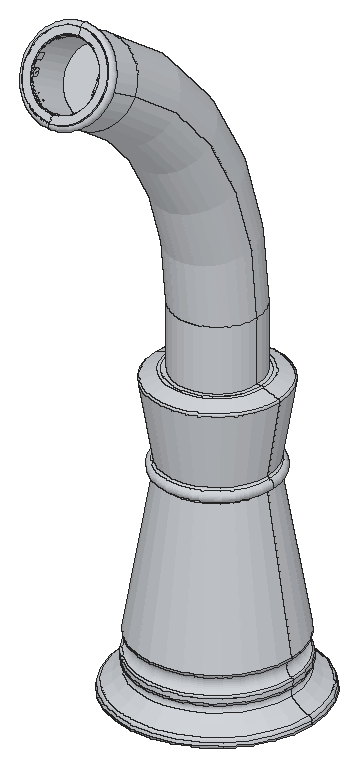
Revit family "Faucet-Wall_Mount-Bath_Spout-KOHLER-ARCHER-K-8452T", category Plumbing Fixtures, host Face, Revit 2017
Family settings
  Host = Face
  Round Connector Dimension = Use Diameter
  Part Type = Normal
  OmniClass Number = 23.31.11.00
  OmniClass Title = Faucets
  Cut with Voids When Loaded = No
  Shared = No
  Room Calculation Point = No
Parameters (values of type "CP- Polished chrome")
  Width = 2 31/128"  # constant formula
  WaterSense Certified = 1 = 0  # no
  Waste Water Outlet = "Waste Water Outlet"  # constant formula
  Waste Connection = 1 = 0  # no
  Vent Connection = 1 = 0  # no
  URL = "http://www.kohler.com.cn/"
  Type = 1
  Spout Reach = 7 123/256"  # constant formula
  Product Page URL = "https://www.kohler.com.cn/product/K-8452T-CP/K-8452T-CP/"
  Product Name = "ARCHER"  # constant formula
  Product Documentation Link = "https://files.kohler.com.cn/pdfs/k_8452t.pdf"
  Pressure = 0.00 psi
  Model = if(Type = 1, "K-8452T-CP", "NA")  # "K-8452T-CP"
  Material = "Metal construction"  # constant formula
  Master Format 2014 Name = "Residential Faucets, Supplies, and Trim"  # constant formula
  Master Format 2014 = "22 41 39"  # constant formula
  Manufacturer Address = "Kohler Beijing Office (100016)\n36-2-03-B, No. 88, Liuxiang Road, Beijing"  # constant formula
  Manufacturer = "KOHLER Co."  # constant formula
  Length = Spout Reach  # 7 123/256"
  Tempered Water Inlet = "Tempered Water Inlet"  # constant formula
  Height = 2 31/128"  # constant formula
  HW Connection = 1 = 1  # yes
  Flow Rate = 0 GPM
  Finish = Kohler-Metal-CP-Polished_Chrome
  Environmental Product Declaration = ""
  Drain Included = 1 = 0  # no
  Description = "bathtub spout"  # constant formula
  Default Elevation = 6 77/256"
  Declare Label = ""
  Date Modified = "09/24/2020"  # constant formula
  Date Created = "09/24/2020"  # constant formula
  Copyright = "Copyright KOHLER Co."  # constant formula
  Contact Us = "http://www.kohler.com.cn/contact/contact-us/"
  Cold Water Inlet = "Cold Water Inlet"  # constant formula
  CW Connection = 1 = 0  # no
  Assembly Code = "D2010"
  ADA Compliant = 1 = 0  # no
Reference planes (in)
  plane 1 "Center (Front/Back)": y = 0
  plane 2: z = 0
  plane 3 "Center (Left/Right)": x = 0
  plane 4: x = -1.12205
  plane 5: x = 1.12014
  plane 6: y = 1.12205
  plane 7: y = -1.12205
  plane 8: z = 7.48047
  plane 9: y = -2.24219
  plane 10: z = 7.91339
  plane 11: through (0, -2.48563, 7.62102) normal (0, -0.5, -0.866)
Dimensions and locks (in)
  "Width": plane 4 to plane 5
  locked: plane 7 to plane 6 at 2.24409
  "Height": plane 1 "Center (Front/Back)" to plane 9
  "Spout Reach": level to plane 8
  locked: level to plane 10 at 7.91339
  locked: plane 8 to plane 11 (angle 30.00°)
  aligned and locked: plane 2 to host face
  aligned and locked: level to host face
  aligned and locked: plane 1 "Center (Front/Back)" to nested 1
  aligned and locked: plane 3 "Center (Left/Right)" to nested 1
  aligned and locked: plane 4 to nested 1
  aligned and locked: plane 5 to nested 1
  aligned and locked: plane 6 to nested 1
  aligned and locked: plane 7 to nested 1
  aligned and locked: plane 8 to nested 1
  aligned and locked: plane 9 to nested 1
  aligned and locked: plane 10 to nested 1
  aligned and locked: plane 11 to nested 1
Automatic sketch dimensions
  host sketch curve to host sketch curve = 96"  (x2)
Nested families (in)
  nested 1: "K-8452T" at (0, 0, 0.00015), type "K-8452T"
Connectors (in)
  piping at (0, 0, 0.00015), diameter 0.5, driven by "Flow Rate", driven by "HW Connection", driven by "Tempered Water Inlet"
    settings: on nested 1, index 1, connector inside diameter 24", connector length 0", flow factor 0, pipe flow 0 GPM, pressure drop 0.00 psi, fitting loss kfactor 0, connector angle 0.00°, fixture units 0, engagement length 0", angle of deflection 0.00°, flow configuration 0, flow direction 1, fitting loss method 0, system type 19, joint type 0, gender type 0, connector reference index -1, connector utility 1, adjustable connector no, is connector primary yes, connector description "Tempered Water Inlet"
Definition of nested family "K-8452T"
  Parameters (values of type "K-8452T")
    Material = none
  Reference planes (in)
    plane 1 "Center (Front/Back)": y = 0
    plane 2: z = 0
    plane 3 "Center (Left/Right)": x = 0
    plane 4: x = -1.12205
    plane 5: x = 1.12205
    plane 6: y = 1.12205
    plane 7: y = -1.12205
    plane 8: z = 7.48031
    plane 9: y = -2.24409
    plane 10: z = 7.91339
    plane 11: through (0, -2.24409, 7.48031) normal (0, 0.5, 0.866)
  Forms (in)
    Revolve 1, solid, material <- "Material", detail levels medium+fine
      sketch origin (-0.00003, 0, 0.00023) x (1, 0, 0) y (0, 0, 1)
        loop
          line (0, -0.00023) -> (0, 3.39017) -> (-0.52376, 3.39017)
          arc (-0.52376, 3.39017) -> (-0.54037, 3.38853) -> (-0.55634, 3.38366) r 0.08479
          line (-0.55634, 3.38366) -> (-0.72325, 3.31421)
          arc (-0.72325, 3.31421) -> (-0.73456, 3.30407) -> (-0.73706, 3.28909) r 0.02297
          line (-0.73706, 3.28909) -> (-0.59507, 2.46679)
          arc (-0.59507, 2.46679) -> (-0.59912, 2.44906) -> (-0.61456, 2.43946) r 0.02362
          arc (-0.61456, 2.43946) -> (-0.66266, 2.3835) -> (-0.61577, 2.32653) r 0.05731
          arc (-0.61577, 2.32653) -> (-0.60068, 2.31682) -> (-0.59678, 2.29931) r 0.02362
          line (-0.59678, 2.29931) -> (-0.8817, 0.63789)
          arc (-0.8817, 0.63789) -> (-0.87953, 0.62162) -> (-0.86849, 0.60947) r 0.02756
          arc (-0.86849, 0.60947) -> (-0.81852, 0.51436) -> (-0.88167, 0.42744) r 0.10177
          arc (-0.88167, 0.42744) -> (-0.89381, 0.41757) -> (-0.89838, 0.40261) r 0.02681
          line (-0.89838, 0.40261) -> (-0.89838, 0.34882)
          arc (-0.89838, 0.34882) -> (-0.89504, 0.3338) -> (-0.88565, 0.32162) r 0.03543
          arc (-0.88565, 0.32162) -> (-0.86565, 0.28109) -> (-0.8822, 0.23902) r 0.05585
          arc (-0.8822, 0.23902) -> (-0.97639, 0.15923) -> (-1.08165, 0.09474) r 0.80691
          arc (-1.08165, 0.09474) -> (-1.10067, 0.07929) -> (-1.11178, 0.05746) r 0.05905
          line (-1.11178, 0.05746) -> (-1.12143, 0.02142)
          arc (-1.12143, 0.02142) -> (-1.11847, 0.0065) -> (-1.10482, -0.00023) r 0.0172
          line (-1.10482, -0.00023) -> (0, -0.00023)
        axis (0, 3.39017) -> (0, -0.00023)
      angle from 0 to 360
    Sweep 2, solid, material <- "Material"
      path origin (0, 0, 0) x (0, 1, 0) y (0, 0, 1)
        loop
          line (0, 3.39017) -> (0, 4.0935)
          arc (0, 4.0935) -> (-0.48526, 5.90452) -> (-1.81102, 7.23028) r 3.62205
          line (-1.81102, 7.23028) -> (-2.24409, 7.48031)
      profile origin (0, 0, 3.74183) x (0, -1, 0) y (1, 0, 0)
        loop
          circle (0, 0) r 0.47244
    Revolve 3, solid, material <- "Material", detail levels medium+fine
      sketch origin (0, 0, 0.00023) x (0, 1, 0) y (0, 0, 1)
        loop
          line (-2.24409, 7.48031) -> (-2.15429, 7.42847) -> (-1.91922, 7.83561)
          arc (-1.91922, 7.83561) -> (-1.9382, 7.90644) -> (-2.00903, 7.88746) r 0.05185
          line (-2.00903, 7.88746) -> (-2.24409, 7.48031)
        axis (-2.15429, 7.42847) -> (-2.24409, 7.48031)
      angle from 0 to 360
    Revolve 4, void, detail levels medium+fine
      sketch origin (0, 0, 0.00023) x (0, 1, 0) y (0, 0, 1)
        loop
          line (-1.77847, 7.21148) -> (-1.59062, 7.53684) -> (-2.0368, 7.79444)
          arc (-2.0368, 7.79444) -> (-2.0549, 7.82016) -> (-2.04695, 7.8506) r 0.03738
          line (-2.04695, 7.8506) -> (-2.08028, 7.86984) -> (-2.2899, 7.50676) -> (-1.77847, 7.21148)
        axis (-1.77847, 7.21148) -> (-2.2899, 7.50676)
      angle from 0 to 360
    Revolve 5, solid, material <- "Material", detail levels coarse
      sketch origin (0, 0, 0) x (0, 1, 0) y (0, 0, 1)
        loop
          line (0, 3.39017) -> (0, 0.17212) -> (0, 0) -> (1.12205, 0) -> (1.12205, 0.36193) -> (0.89838, 0.36193) -> (0.89838, 3.39017) -> (0, 3.39017)
        axis (0, 3.39017) -> (0, 0)
      angle from 0 to 360
    Extrusion 6, solid, material <- "Material", detail levels medium+fine
      sketch origin (0, 0, 0) x (1, 0, 0) y (0, 1, 0)
        loop
          circle (0, 0) r 0.11811
      from 0 to 0.19685
  Cuts and joins
    Revolve 4 cuts Revolve 3
    joined: Revolve 1, Revolve 3
    Revolve 4 cuts Sweep 2
  Lines and regions (in)
    Masking region 1
      outline origin (0, 0, 0) x (1, 0, 0) y (0, 1, 0)
        loop
          arc (0.47244, -1.01774) -> (0, 1.12205) -> (-0.47244, -1.01774) r 1.12205
          line (-0.47244, -1.01774) -> (-0.47244, -2.07248)
          spline (-0.47244, -2.07248) -> (-0.50272, -2.11781) -> (-0.51905, -2.16531) -> (-0.52097, -2.21366) -> (-0.50842, -2.26151) -> (-0.48177, -2.30754) -> (-0.44174, -2.35047) -> (-0.38945, -2.3891) -> (-0.32635, -2.42238) -> (-0.25419, -2.44936) -> (-0.17497, -2.46931) -> (-0.0909, -2.48167) -> (-0.0043, -2.4861)
          spline (-0.0043, -2.4861) -> (0.08312, -2.4824) -> (0.1682, -2.47062) -> (0.24853, -2.45109) -> (0.32185, -2.42436) -> (0.38609, -2.39118) -> (0.43943, -2.35249) -> (0.48038, -2.30937) -> (0.50777, -2.26306) -> (0.52083, -2.21485) -> (0.5192, -2.1661) -> (0.50291, -2.1182) -> (0.47244, -2.07248)
          line (0.47244, -2.07248) -> (0.47244, -1.01774)
    Masking region 2
      outline origin (0, 0, 0) x (1, 0, 0) y (0, 0, 1)
        loop
          line (0, 0) -> (1.10476, 0)
          arc (1.10476, 0) -> (1.11841, 0.00673) -> (1.12137, 0.02165) r 0.0172
          line (1.12137, 0.02165) -> (1.11178, 0.05746)
          arc (1.11178, 0.05746) -> (1.10067, 0.07929) -> (1.08165, 0.09474) r 0.05905
          arc (1.08165, 0.09474) -> (0.97639, 0.15923) -> (0.8822, 0.23902) r 0.80691
          arc (0.8822, 0.23902) -> (0.86565, 0.28109) -> (0.88565, 0.32162) r 0.05585
          arc (0.88565, 0.32162) -> (0.89504, 0.3338) -> (0.89838, 0.34882) r 0.03543
          line (0.89838, 0.34882) -> (0.89838, 0.40261)
          arc (0.89838, 0.40261) -> (0.89381, 0.41757) -> (0.88167, 0.42744) r 0.02681
          arc (0.88167, 0.42744) -> (0.81852, 0.51436) -> (0.86849, 0.60947) r 0.10177
          arc (0.86849, 0.60947) -> (0.87953, 0.62162) -> (0.8817, 0.63789) r 0.02756
          line (0.8817, 0.63789) -> (0.59678, 2.29931)
          arc (0.59678, 2.29931) -> (0.60068, 2.31682) -> (0.61577, 2.32653) r 0.02362
          arc (0.61577, 2.32653) -> (0.66266, 2.3835) -> (0.61456, 2.43946) r 0.05731
          arc (0.61456, 2.43946) -> (0.59912, 2.44906) -> (0.59507, 2.46679) r 0.02362
          line (0.59507, 2.46679) -> (0.73706, 3.28909)
          arc (0.73706, 3.28909) -> (0.73456, 3.30407) -> (0.72325, 3.31421) r 0.02297
          line (0.72325, 3.31421) -> (0.55634, 3.38366)
          arc (0.55634, 3.38366) -> (0.54037, 3.38853) -> (0.52376, 3.39017) r 0.08479
          line (0.52376, 3.39017) -> (0.47244, 3.39017) -> (0.47244, 7.25936)
          arc (0.47244, 7.25936) -> (0.51265, 7.36788) -> (0.52065, 7.48334) r 0.40663
          spline (0.52065, 7.48334) -> (0.50204, 7.59508) -> (0.44937, 7.69903) -> (0.3662, 7.78814) -> (0.25817, 7.85637) -> (0.13263, 7.89908) -> (-0.00192, 7.91338) -> (-0.13635, 7.8983) -> (-0.26153, 7.85486) -> (-0.36898, 7.786) -> (-0.45139, 7.69641) -> (-0.50319, 7.59216) -> (-0.52086, 7.48031)
          arc (-0.52086, 7.48031) -> (-0.51232, 7.3664) -> (-0.47244, 7.25936) r 0.40663
          line (-0.47244, 7.25936) -> (-0.47244, 3.39017) -> (-0.52376, 3.39017)
          arc (-0.52376, 3.39017) -> (-0.54037, 3.38853) -> (-0.55634, 3.38366) r 0.08479
          line (-0.55634, 3.38366) -> (-0.72325, 3.31421)
          arc (-0.72325, 3.31421) -> (-0.73456, 3.30407) -> (-0.73706, 3.28909) r 0.02297
          line (-0.73706, 3.28909) -> (-0.59507, 2.46679)
          arc (-0.59507, 2.46679) -> (-0.59912, 2.44906) -> (-0.61456, 2.43946) r 0.02362
          arc (-0.61456, 2.43946) -> (-0.66266, 2.3835) -> (-0.61577, 2.32653) r 0.05731
          arc (-0.61577, 2.32653) -> (-0.60068, 2.31682) -> (-0.59678, 2.29931) r 0.02362
          line (-0.59678, 2.29931) -> (-0.8817, 0.63789)
          arc (-0.8817, 0.63789) -> (-0.87953, 0.62162) -> (-0.86849, 0.60947) r 0.02756
          arc (-0.86849, 0.60947) -> (-0.81852, 0.51436) -> (-0.88167, 0.42744) r 0.10177
          arc (-0.88167, 0.42744) -> (-0.89381, 0.41757) -> (-0.89838, 0.40261) r 0.02681
          line (-0.89838, 0.40261) -> (-0.89838, 0.34882)
          arc (-0.89838, 0.34882) -> (-0.89504, 0.3338) -> (-0.88565, 0.32162) r 0.03543
          arc (-0.88565, 0.32162) -> (-0.86565, 0.28109) -> (-0.8822, 0.23902) r 0.05585
          arc (-0.8822, 0.23902) -> (-0.97639, 0.15923) -> (-1.08165, 0.09474) r 0.80691
          arc (-1.08165, 0.09474) -> (-1.10067, 0.07929) -> (-1.11178, 0.05746) r 0.05905
          line (-1.11178, 0.05746) -> (-1.12137, 0.02165)
          arc (-1.12137, 0.02165) -> (-1.11841, 0.00673) -> (-1.10476, 0) r 0.0172
          line (-1.10476, 0) -> (0, 0)
    Masking region 3
      outline origin (0, 0, 0) x (0, 1, 0) y (0, 0, 1)
        loop
          line (0, 0) -> (1.10482, 0)
          arc (1.10482, 0) -> (1.11847, 0.00673) -> (1.12143, 0.02165) r 0.0172
          line (1.12143, 0.02165) -> (1.11178, 0.05769)
          arc (1.11178, 0.05769) -> (1.10067, 0.07952) -> (1.08165, 0.09497) r 0.05905
          arc (1.08165, 0.09497) -> (0.97639, 0.15946) -> (0.8822, 0.23925) r 0.80691
          arc (0.8822, 0.23925) -> (0.86565, 0.28131) -> (0.88565, 0.32185) r 0.05585
          arc (0.88565, 0.32185) -> (0.89504, 0.33403) -> (0.89838, 0.34905) r 0.03543
          line (0.89838, 0.34905) -> (0.89838, 0.40284)
          arc (0.89838, 0.40284) -> (0.89381, 0.4178) -> (0.88167, 0.42766) r 0.02681
          arc (0.88167, 0.42766) -> (0.81852, 0.51458) -> (0.86849, 0.6097) r 0.10177
          arc (0.86849, 0.6097) -> (0.87953, 0.62185) -> (0.8817, 0.63812) r 0.02756
          line (0.8817, 0.63812) -> (0.59678, 2.29954)
          arc (0.59678, 2.29954) -> (0.60068, 2.31704) -> (0.61577, 2.32676) r 0.02362
          arc (0.61577, 2.32676) -> (0.66266, 2.38373) -> (0.61456, 2.43968) r 0.05731
          arc (0.61456, 2.43968) -> (0.59912, 2.44929) -> (0.59507, 2.46702) r 0.02362
          line (0.59507, 2.46702) -> (0.73706, 3.28932)
          arc (0.73706, 3.28932) -> (0.73456, 3.3043) -> (0.72325, 3.31444) r 0.02297
          line (0.72325, 3.31444) -> (0.55634, 3.38389)
          arc (0.55634, 3.38389) -> (0.54037, 3.38876) -> (0.52376, 3.3904) r 0.08479
          line (0.52376, 3.3904) -> (0.47244, 3.3904) -> (0.47244, 4.0935)
          arc (0.47244, 4.0935) -> (-0.07612, 6.14074) -> (-1.5748, 7.63943) r 4.09449
          line (-1.5748, 7.63943) -> (-1.91811, 7.83764)
          arc (-1.91811, 7.83764) -> (-1.93817, 7.90655) -> (-2.00787, 7.88946) r 0.05187
          line (-2.00787, 7.88946) -> (-2.48031, 7.07117)
          arc (-2.48031, 7.07117) -> (-2.46026, 7.00225) -> (-2.39055, 7.01935) r 0.05187
          line (-2.39055, 7.01935) -> (-2.04724, 6.82114)
          arc (-2.04724, 6.82114) -> (-0.89441, 5.6683) -> (-0.47244, 4.0935) r 3.14961
          line (-0.47244, 4.0935) -> (-0.47244, 3.3904) -> (-0.52376, 3.3904)
          arc (-0.52376, 3.3904) -> (-0.54037, 3.38876) -> (-0.55634, 3.38389) r 0.08479
          line (-0.55634, 3.38389) -> (-0.72325, 3.31444)
          arc (-0.72325, 3.31444) -> (-0.73456, 3.3043) -> (-0.73706, 3.28932) r 0.02297
          line (-0.73706, 3.28932) -> (-0.59507, 2.46702)
          arc (-0.59507, 2.46702) -> (-0.59912, 2.44929) -> (-0.61456, 2.43968) r 0.02362
          arc (-0.61456, 2.43968) -> (-0.66266, 2.38373) -> (-0.61577, 2.32676) r 0.05731
          arc (-0.61577, 2.32676) -> (-0.60068, 2.31704) -> (-0.59678, 2.29954) r 0.02362
          line (-0.59678, 2.29954) -> (-0.8817, 0.63812)
          arc (-0.8817, 0.63812) -> (-0.87953, 0.62185) -> (-0.86849, 0.6097) r 0.02756
          arc (-0.86849, 0.6097) -> (-0.81852, 0.51458) -> (-0.88167, 0.42766) r 0.10177
          arc (-0.88167, 0.42766) -> (-0.89381, 0.4178) -> (-0.89838, 0.40284) r 0.02681
          line (-0.89838, 0.40284) -> (-0.89838, 0.34905)
          arc (-0.89838, 0.34905) -> (-0.89504, 0.33403) -> (-0.88565, 0.32185) r 0.03543
          arc (-0.88565, 0.32185) -> (-0.86565, 0.28131) -> (-0.8822, 0.23925) r 0.05585
          arc (-0.8822, 0.23925) -> (-0.97639, 0.15946) -> (-1.08165, 0.09497) r 0.80691
          arc (-1.08165, 0.09497) -> (-1.10067, 0.07952) -> (-1.11178, 0.05769) r 0.05905
          line (-1.11178, 0.05769) -> (-1.12143, 0.02165)
          arc (-1.12143, 0.02165) -> (-1.11847, 0.00673) -> (-1.10482, 0) r 0.0172
          line (-1.10482, 0) -> (0, 0)
    symbolic lines, detail levels medium+fine
      curve 1: arc (0.47244, -0.76412, 0) -> (0, 0.89838, 0) -> (-0.47244, -0.76412, 0) r 0.89838
      curve 2: arc (0.47244, -0.74543, 0) -> (0, 0.88253, 0) -> (-0.47244, -0.74543, 0) r 0.88253
      curve 3: arc (0.47244, -0.56691, 0) -> (0, 0.73796, 0) -> (-0.47244, -0.56691, 0) r 0.73796
      curve 4: arc (0.47244, -0.28679, 0) -> (0, 0.55267, 0) -> (-0.47244, -0.28679, 0) r 0.55267
      curve 5: line (-0.47244, 0.00046, 0) -> (-0.47244, -1.1811, 0)
      curve 6: line (0.47244, 0.00046, 0) -> (0.47244, -1.1811, 0)
      curve 7: arc (0.47244, 0.00046, 0) -> (0, 0.4729, 0) -> (-0.47244, 0.00046, 0) r 0.47244
      curve 8: spline (0, -2.43569, 0) -> (-0.09917, -2.42916, 0) -> (-0.19159, -2.41002, 0) -> (-0.27095, -2.37957, 0) -> (-0.33185, -2.33989, 0) -> (-0.37013, -2.29368, 0) -> (-0.38318, -2.24409, 0) -> (-0.37013, -2.19451, 0) -> (-0.33185, -2.1483, 0) -> (-0.27095, -2.10862, 0) -> (-0.19159, -2.07817, 0) -> (-0.09917, -2.05903, 0) -> (0, -2.0525, 0)
      curve 9: spline (0, -2.0525, 0) -> (0.09917, -2.05903, 0) -> (0.19159, -2.07817, 0) -> (0.27095, -2.10862, 0) -> (0.33185, -2.1483, 0) -> (0.37013, -2.19451, 0) -> (0.38318, -2.24409, 0) -> (0.37013, -2.29368, 0) -> (0.33185, -2.33989, 0) -> (0.27095, -2.37957, 0) -> (0.19159, -2.41002, 0) -> (0.09917, -2.42916, 0) -> (0, -2.43569, 0)
      curve 10: arc (-0.47244, -2.07248, 0) -> (-0.38228, -1.99853, 0) -> (-0.27466, -1.95364, 0) r 0.40107
      curve 11: arc (-0.27466, -1.95364, 0) -> (-0.1384, -1.92759, 0) -> (0, -1.91811, 0) r 1.15075
      curve 12: arc (0.47244, -2.07248, 0) -> (0.38228, -1.99853, 0) -> (0.27466, -1.95364, 0) r 0.40107
      curve 13: arc (0.27466, -1.95364, 0) -> (0.1384, -1.92759, 0) -> (0, -1.91811, 0) r 1.15075
      curve 14: spline (-0.35916, -2.21891, 0) -> (-0.34692, -2.17584, 0) -> (-0.31104, -2.13571, 0) -> (-0.25397, -2.10124, 0) -> (-0.17958, -2.0748, 0) -> (-0.09296, -2.05817, 0) -> (0, -2.0525, 0) -> (0.09296, -2.05817, 0) -> (0.17958, -2.0748, 0) -> (0.25397, -2.10124, 0) -> (0.31104, -2.13571, 0) -> (0.34692, -2.17584, 0) -> (0.35916, -2.21891, 0) -> (0.34692, -2.26198, 0) -> (0.31104, -2.30211, 0) -> (0.25397, -2.33658, 0) -> (0.17958, -2.36302, 0) -> (0.09296, -2.37965, 0) -> (0, -2.38532, 0) -> (-0.09296, -2.37965, 0) -> (-0.17958, -2.36302, 0) -> (-0.25397, -2.33658, 0) -> (-0.31104, -2.30211, 0) -> (-0.34692, -2.26198, 0) -> (-0.35916, -2.21891, 0)
      curve 15: spline (-0.34712, -2.21165, 0) -> (-0.33529, -2.1729, 0) -> (-0.30061, -2.13679, 0) -> (-0.24545, -2.10579, 0) -> (-0.17356, -2.082, 0) -> (-0.08984, -2.06704, 0) -> (0, -2.06194, 0) -> (0.08984, -2.06704, 0) -> (0.17356, -2.082, 0) -> (0.24545, -2.10579, 0) -> (0.30061, -2.13679, 0) -> (0.33529, -2.1729, 0) -> (0.34712, -2.21165, 0) -> (0.33529, -2.25039, 0) -> (0.30061, -2.2865, 0) -> (0.24545, -2.3175, 0) -> (0.17356, -2.34129, 0) -> (0.08984, -2.35625, 0) -> (0, -2.36135, 0) -> (-0.08984, -2.35625, 0) -> (-0.17356, -2.34129, 0) -> (-0.24545, -2.3175, 0) -> (-0.30061, -2.2865, 0) -> (-0.33529, -2.25039, 0) -> (-0.34712, -2.21165, 0)
      curve 16: spline (-0.33981, -2.20632, 0) -> (-0.32824, -2.16896, 0) -> (-0.29429, -2.13413, 0) -> (-0.24029, -2.10423, 0) -> (-0.16991, -2.08129, 0) -> (-0.08795, -2.06686, 0) -> (0, -2.06194, 0) -> (0.08795, -2.06686, 0) -> (0.16991, -2.08129, 0) -> (0.24029, -2.10423, 0) -> (0.29429, -2.13413, 0) -> (0.32824, -2.16896, 0) -> (0.33981, -2.20632, 0) -> (0.32824, -2.24369, 0) -> (0.29429, -2.27852, 0) -> (0.24029, -2.30842, 0) -> (0.16991, -2.33136, 0) -> (0.08795, -2.34579, 0) -> (0, -2.35071, 0) -> (-0.08795, -2.34579, 0) -> (-0.16991, -2.33136, 0) -> (-0.24029, -2.30842, 0) -> (-0.29429, -2.27852, 0) -> (-0.32824, -2.24369, 0) -> (-0.33981, -2.20632, 0)
      curve 17: line (-0.01228, -2.20667, 0) -> (-0.02479, -2.35032, 0)
      curve 18: line (-0.05847, -2.24409, 0) -> (-0.21756, -2.31696, 0)
      curve 19: line (-0.02829, -2.24409, 0) -> (-0.32798, -2.24409, 0)
      curve 20: line (-0.21089, -2.24409, 0) -> (-0.21089, -2.31954, 0)
      curve 21: line (-0.05847, -2.24409, 0) -> (-0.05847, -2.2042, 0)
      curve 22: line (-0.06487, -2.24409, 0) -> (-0.06487, -2.20148, 0)
      curve 23: line (-0.26562, -2.11627, 0) -> (-0.02829, -2.21701, 0)
      curve 24: line (-0.02829, -2.21701, 0) -> (-0.02829, -2.06244, 0)
      curve 25: line (-0.21756, -2.31696, 0) -> (-0.21756, -2.24409, 0)
      curve 26: line (-0.01639, -2.06211, 0) -> (-0.01387, -2.20667, 0)
      curve 27: line (-0.02829, -2.20667, 0) -> (-0.01816, -2.20667, 0)
      curve 28: line (-0.02829, -2.19956, 0) -> (-0.24649, -2.10694, 0)
      curve 29: line (0.01228, -2.20667, 0) -> (0.02479, -2.35032, 0)
      curve 30: line (0.05847, -2.24409, 0) -> (0.21756, -2.31696, 0)
      curve 31: line (0.02829, -2.24409, 0) -> (0.32798, -2.24409, 0)
      curve 32: line (0.21089, -2.24409, 0) -> (0.21089, -2.31954, 0)
      curve 33: line (0.05847, -2.24409, 0) -> (0.05847, -2.2042, 0)
      curve 34: line (0.06487, -2.24409, 0) -> (0.06487, -2.20148, 0)
      curve 35: line (0.26494, -2.11656, 0) -> (0.02829, -2.21701, 0)
      curve 36: line (0.02829, -2.21701, 0) -> (0.02829, -2.06244, 0)
      curve 37: line (0.21756, -2.31696, 0) -> (0.21756, -2.24409, 0)
      curve 38: line (0.01639, -2.06211, 0) -> (0.01387, -2.20667, 0)
      curve 39: line (0.02829, -2.20667, 0) -> (-0.01816, -2.20667, 0)
      curve 40: line (0.02829, -2.19956, 0) -> (0.24649, -2.10694, 0)
      curve 41: line (0.47244, 0, 3.39017) -> (-0.47244, 0, 3.39017)
      curve 42: line (0.72325, 0, 3.31421) -> (-0.72325, 0, 3.31421)
      curve 43: line (0.59507, 0, 2.46679) -> (-0.59507, 0, 2.46679)
      curve 44: line (0.59678, 0, 2.29931) -> (-0.59678, 0, 2.29931)
      curve 45: line (0.8817, 0, 0.63789) -> (-0.8817, 0, 0.63789)
      curve 46: line (0.88167, 0, 0.42744) -> (-0.88167, 0, 0.42744)
      curve 47: line (0.88565, 0, 0.32162) -> (-0.88565, 0, 0.32162)
      curve 48: line (0.8822, 0, 0.23902) -> (-0.8822, 0, 0.23902)
      curve 49: line (1.08165, 0, 0.09474) -> (-1.08165, 0, 0.09474)
      curve 50: spline (0, 0, 7.83764) -> (0.06167, 0, 7.83414) -> (0.12228, 0, 7.8237) -> (0.1808, 0, 7.80649) -> (0.23622, 0, 7.78282) -> (0.2876, 0, 7.75309) -> (0.33407, 0, 7.7178) -> (0.37481, 0, 7.67756) -> (0.40915, 0, 7.63306) -> (0.43648, 0, 7.58506) -> (0.45634, 0, 7.53439) -> (0.4684, 0, 7.4819) -> (0.47244, 0, 7.42849)
      curve 51: spline (-0.47244, 0, 7.42849) -> (-0.4684, 0, 7.4819) -> (-0.45634, 0, 7.53439) -> (-0.43648, 0, 7.58506) -> (-0.40915, 0, 7.63306) -> (-0.37481, 0, 7.67756) -> (-0.33407, 0, 7.7178) -> (-0.2876, 0, 7.75309) -> (-0.23622, 0, 7.78282) -> (-0.1808, 0, 7.80649) -> (-0.12228, 0, 7.8237) -> (-0.06167, 0, 7.83414) -> (0, 0, 7.83764)
      curve 52: line (0.47244, 0, 7.42849) -> (0.47244, 0, 7.20281)
      curve 53: line (-0.47244, 0, 7.42849) -> (-0.47244, 0, 7.14152)
      curve 54: line (0, 0.47244, 3.3904) -> (0, -0.47244, 3.3904)
      curve 55: line (0, 0.72325, 3.31444) -> (0, -0.72325, 3.31444)
      curve 56: line (0, 0.59507, 2.46702) -> (0, -0.59507, 2.46702)
      curve 57: line (0, 0.59678, 2.29954) -> (0, -0.59678, 2.29954)
      curve 58: line (0, 0.8817, 0.63812) -> (0, -0.8817, 0.63812)
      curve 59: line (0, 0.88167, 0.42766) -> (0, -0.88167, 0.42766)
      curve 60: line (0, 0.88565, 0.32185) -> (0, -0.88565, 0.32185)
      curve 61: line (0, 0.8822, 0.23925) -> (0, -0.8822, 0.23925)
      curve 62: line (0, 1.08165, 0.09497) -> (0, -1.08165, 0.09497)
      curve 63: line (0, -2.39055, 7.01935) -> (0, -1.91811, 7.83764)
      curve 64: line (0.55634, 0, 3.38366) -> (-0.55634, 0, 3.38366)
      curve 65: line (0.73706, 0, 3.28909) -> (-0.73706, 0, 3.28909)
      curve 66: line (0.61456, 0, 2.43946) -> (-0.61456, 0, 2.43946)
      curve 67: line (0.61577, 0, 2.32653) -> (-0.61577, 0, 2.32653)
      curve 68: line (0.86849, 0, 0.60947) -> (-0.86849, 0, 0.60947)
      curve 69: line (0.89838, 0, 0.40261) -> (-0.89838, 0, 0.40261)
      curve 70: line (0.89838, 0, 0.34882) -> (-0.89838, 0, 0.34882)
      curve 71: line (1.11178, 0, 0.05746) -> (-1.11178, 0, 0.05746)
      curve 72: line (1.12143, 0, 0.02142) -> (-1.12143, 0, 0.02142)
      curve 73: line (0, 0.55634, 3.38389) -> (0, -0.55634, 3.38389)
      curve 74: line (0, 0.73706, 3.28932) -> (0, -0.73706, 3.28932)
      curve 75: line (0, 0.61456, 2.43968) -> (0, -0.61456, 2.43968)
      curve 76: line (0, 0.61577, 2.32676) -> (0, -0.61577, 2.32676)
      curve 77: line (0, 0.86849, 0.6097) -> (0, -0.86849, 0.6097)
      curve 78: line (0, 0.89838, 0.40284) -> (0, -0.89838, 0.40284)
      curve 79: line (0, 0.89838, 0.34905) -> (0, -0.89838, 0.34905)
      curve 80: line (0, 1.11178, 0.05769) -> (0, -1.11178, 0.05769)
      curve 81: line (0, 1.12143, 0.02165) -> (0, -1.12143, 0.02165)
  Dimensions and locks (in)
    plane 6 to plane 7 = 2.24409"
    plane 4 to plane 5 = 2.24409"
    plane 9 to plane 1 "Center (Front/Back)" = 2.24409"
    locked: plane 10 to level at 7.91339
    plane 8 to level = 7.48031"
    angle plane 8 to plane 11 = 30.00°
    aligned and locked: plane 2 to level
